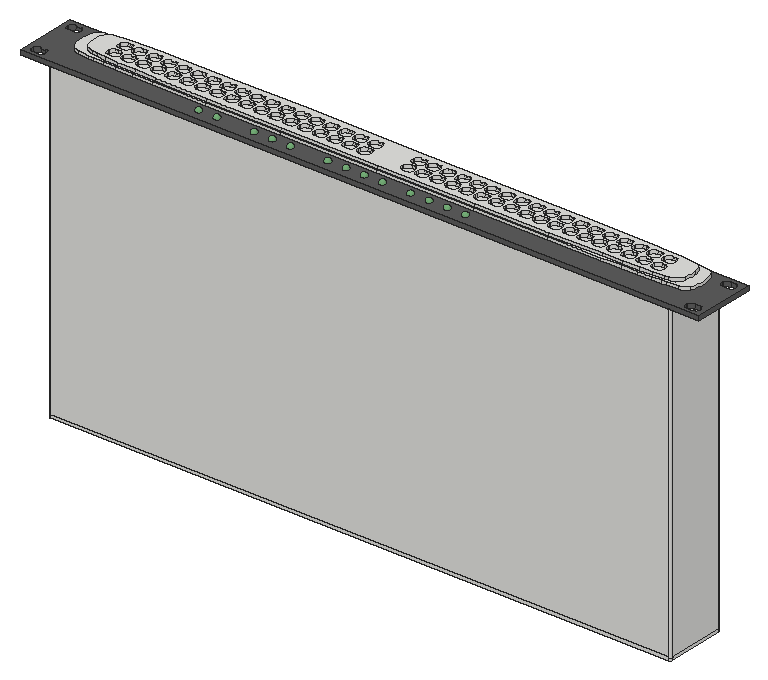
Revit family "Electronics_Expansion-Inputs_Biamp_Vocia_Telephone-Paging-Adapter_POTS-1__", category Communication Devices, host Face, Revit 2020 (continued)
Definition of nested family "POTS-1"
  Forms (in)
    Extrusion 14, solid, material <- "Material 1", detail levels medium+fine
      sketch origin (0.00019, 0.37402, 0) x (1, 0, 0) y (0, 0, 1)
        loop
          arc (-1.21793, 0.95247) -> (-1.17702, 0.8537) -> (-1.07825, 0.81278) r 0.13968
          line (-1.07825, 0.81278) -> (-0.99954, 0.81278)
          arc (-0.99954, 0.81278) -> (-0.90077, 0.8537) -> (-0.85986, 0.95247) r 0.13968
          line (-0.85986, 0.95247) -> (-0.85986, 0.99345)
          arc (-0.85986, 0.99345) -> (-0.89895, 1.08784) -> (-0.99334, 1.12693) r 0.13348
          line (-0.99334, 1.12693) -> (-1.08445, 1.12693)
        loop
          arc (-0.66814, 1.12693) -> (-0.76253, 1.08784) -> (-0.80162, 0.99345) r 0.13348
          line (-0.80162, 0.99345) -> (-0.80162, 0.95247)
          arc (-0.80162, 0.95247) -> (-0.76071, 0.8537) -> (-0.66194, 0.81278) r 0.13968
          line (-0.66194, 0.81278) -> (-0.58323, 0.81278)
          arc (-0.58323, 0.81278) -> (-0.48446, 0.8537) -> (-0.44355, 0.95247) r 0.13968
          line (-0.44355, 0.95247) -> (-0.44355, 0.99345)
          arc (-0.44355, 0.99345) -> (-0.48265, 1.08784) -> (-0.57703, 1.12693) r 0.13348
          line (-0.57703, 1.12693) -> (-0.66814, 1.12693)
        loop
          arc (0.55186, 1.12693) -> (0.45748, 1.08784) -> (0.41838, 0.99345) r 0.13348
          line (0.41838, 0.99345) -> (0.41838, 0.95247)
          arc (0.41838, 0.95247) -> (0.45929, 0.8537) -> (0.55807, 0.81278) r 0.13968
          line (0.55807, 0.81278) -> (0.63677, 0.81278)
          arc (0.63677, 0.81278) -> (0.73554, 0.8537) -> (0.77646, 0.95247) r 0.13968
          line (0.77646, 0.95247) -> (0.77646, 0.99345)
          arc (0.77646, 0.99345) -> (0.73736, 1.08784) -> (0.64297, 1.12693) r 0.13348
          line (0.64297, 1.12693) -> (0.55186, 1.12693)
        loop
          arc (0.95712, 1.12693) -> (0.86273, 1.08784) -> (0.82363, 0.99345) r 0.13348
          line (0.82363, 0.99345) -> (0.82363, 0.95247)
          arc (0.82363, 0.95247) -> (0.86455, 0.8537) -> (0.96332, 0.81278) r 0.13968
          line (0.96332, 0.81278) -> (1.04202, 0.81278)
          arc (1.04202, 0.81278) -> (1.14079, 0.8537) -> (1.18171, 0.95247) r 0.13968
          line (1.18171, 0.95247) -> (1.18171, 0.99345)
          arc (1.18171, 0.99345) -> (1.14261, 1.08784) -> (1.04823, 1.12693) r 0.13348
          line (1.04823, 1.12693) -> (0.95712, 1.12693)
        loop
          arc (1.36975, 1.12693) -> (1.27537, 1.08784) -> (1.23627, 0.99345) r 0.13348
          line (1.23627, 0.99345) -> (1.23627, 0.95247)
          arc (1.23627, 0.95247) -> (1.27718, 0.8537) -> (1.37596, 0.81278) r 0.13968
          line (1.37596, 0.81278) -> (1.45466, 0.81278)
          arc (1.45466, 0.81278) -> (1.55343, 0.8537) -> (1.59434, 0.95247) r 0.13968
          line (1.59434, 0.95247) -> (1.59434, 0.99345)
          arc (1.59434, 0.99345) -> (1.55525, 1.08784) -> (1.46086, 1.12693) r 0.13348
          line (1.46086, 1.12693) -> (1.36975, 1.12693)
        loop
          arc (1.78593, 1.12693) -> (1.69154, 1.08784) -> (1.65245, 0.99345) r 0.13348
          line (1.65245, 0.99345) -> (1.65245, 0.95247)
          arc (1.65245, 0.95247) -> (1.69336, 0.8537) -> (1.79213, 0.81278) r 0.13968
          line (1.79213, 0.81278) -> (1.87083, 0.81278)
          arc (1.87083, 0.81278) -> (1.96961, 0.8537) -> (2.01052, 0.95247) r 0.13968
          line (2.01052, 0.95247) -> (2.01052, 0.99345)
          arc (2.01052, 0.99345) -> (1.97142, 1.08784) -> (1.87704, 1.12693) r 0.13348
          line (1.87704, 1.12693) -> (1.78593, 1.12693)
        loop
          arc (2.19819, 1.12693) -> (2.1038, 1.08784) -> (2.0647, 0.99345) r 0.13348
          line (2.0647, 0.99345) -> (2.0647, 0.95247)
          arc (2.0647, 0.95247) -> (2.10562, 0.8537) -> (2.20439, 0.81278) r 0.13968
          line (2.20439, 0.81278) -> (2.28309, 0.81278)
          arc (2.28309, 0.81278) -> (2.38187, 0.8537) -> (2.42278, 0.95247) r 0.13968
          line (2.42278, 0.95247) -> (2.42278, 0.99345)
          arc (2.42278, 0.99345) -> (2.38368, 1.08784) -> (2.2893, 1.12693) r 0.13348
          line (2.2893, 1.12693) -> (2.19819, 1.12693)
        loop
          arc (2.61102, 1.12693) -> (2.51664, 1.08784) -> (2.47754, 0.99345) r 0.13348
          line (2.47754, 0.99345) -> (2.47754, 0.95247)
          arc (2.47754, 0.95247) -> (2.51845, 0.8537) -> (2.61722, 0.81278) r 0.13968
          line (2.61722, 0.81278) -> (2.69593, 0.81278)
          arc (2.69593, 0.81278) -> (2.7947, 0.8537) -> (2.83561, 0.95247) r 0.13968
          line (2.83561, 0.95247) -> (2.83561, 0.99345)
          arc (2.83561, 0.99345) -> (2.79652, 1.08784) -> (2.70213, 1.12693) r 0.13348
          line (2.70213, 1.12693) -> (2.61102, 1.12693)
        loop
          arc (3.02386, 1.12693) -> (2.92948, 1.08784) -> (2.89038, 0.99345) r 0.13348
          line (2.89038, 0.99345) -> (2.89038, 0.95247)
          arc (2.89038, 0.95247) -> (2.93129, 0.8537) -> (3.03007, 0.81278) r 0.13968
          line (3.03007, 0.81278) -> (3.10877, 0.81278)
          arc (3.10877, 0.81278) -> (3.20754, 0.8537) -> (3.24846, 0.95247) r 0.13968
          line (3.24846, 0.95247) -> (3.24846, 0.99345)
          arc (3.24846, 0.99345) -> (3.20936, 1.08784) -> (3.11497, 1.12693) r 0.13348
          line (3.11497, 1.12693) -> (3.02386, 1.12693)
        loop
          arc (3.44017, 1.12693) -> (3.34579, 1.08784) -> (3.30669, 0.99345) r 0.13348
          line (3.30669, 0.99345) -> (3.30669, 0.95247)
          arc (3.30669, 0.95247) -> (3.3476, 0.8537) -> (3.44637, 0.81278) r 0.13968
          line (3.44637, 0.81278) -> (3.52508, 0.81278)
          arc (3.52508, 0.81278) -> (3.62385, 0.8537) -> (3.66476, 0.95247) r 0.13968
          line (3.66476, 0.95247) -> (3.66476, 0.99345)
          arc (3.66476, 0.99345) -> (3.62567, 1.08784) -> (3.53128, 1.12693) r 0.13348
          line (3.53128, 1.12693) -> (3.44017, 1.12693)
        loop
          arc (3.85301, 1.12693) -> (3.75862, 1.08784) -> (3.71952, 0.99345) r 0.13348
          line (3.71952, 0.99345) -> (3.71952, 0.95247)
          arc (3.71952, 0.95247) -> (3.76044, 0.8537) -> (3.85921, 0.81278) r 0.13968
          line (3.85921, 0.81278) -> (3.93791, 0.81278)
          arc (3.93791, 0.81278) -> (4.03669, 0.8537) -> (4.0776, 0.95247) r 0.13968
          line (4.0776, 0.95247) -> (4.0776, 0.99345)
          arc (4.0776, 0.99345) -> (4.0385, 1.08784) -> (3.94412, 1.12693) r 0.13348
          line (3.94412, 1.12693) -> (3.85301, 1.12693)
        loop
          arc (4.26238, 1.12693) -> (4.16799, 1.08784) -> (4.12889, 0.99345) r 0.13348
          line (4.12889, 0.99345) -> (4.12889, 0.95247)
          arc (4.12889, 0.95247) -> (4.16981, 0.8537) -> (4.26858, 0.81278) r 0.13968
          line (4.26858, 0.81278) -> (4.34728, 0.81278)
          arc (4.34728, 0.81278) -> (4.44606, 0.8537) -> (4.48697, 0.95247) r 0.13968
          line (4.48697, 0.95247) -> (4.48697, 0.99345)
          arc (4.48697, 0.99345) -> (4.44787, 1.08784) -> (4.35349, 1.12693) r 0.13348
          line (4.35349, 1.12693) -> (4.26238, 1.12693)
        loop
          arc (4.67522, 1.12693) -> (4.58083, 1.08784) -> (4.54174, 0.99345) r 0.13348
          line (4.54174, 0.99345) -> (4.54174, 0.95247)
          arc (4.54174, 0.95247) -> (4.58265, 0.8537) -> (4.68142, 0.81278) r 0.13968
          line (4.68142, 0.81278) -> (4.76013, 0.81278)
          arc (4.76013, 0.81278) -> (4.8589, 0.8537) -> (4.89981, 0.95247) r 0.13968
          line (4.89981, 0.95247) -> (4.89981, 0.99345)
          arc (4.89981, 0.99345) -> (4.86071, 1.08784) -> (4.76633, 1.12693) r 0.13348
          line (4.76633, 1.12693) -> (4.67522, 1.12693)
        loop
          arc (5.09153, 1.12693) -> (4.99714, 1.08784) -> (4.95804, 0.99345) r 0.13348
          line (4.95804, 0.99345) -> (4.95804, 0.95247)
          arc (4.95804, 0.95247) -> (4.99896, 0.8537) -> (5.09773, 0.81278) r 0.13968
          line (5.09773, 0.81278) -> (5.17643, 0.81278)
          arc (5.17643, 0.81278) -> (5.2752, 0.8537) -> (5.31612, 0.95247) r 0.13968
          line (5.31612, 0.95247) -> (5.31612, 0.99345)
          arc (5.31612, 0.99345) -> (5.27702, 1.08784) -> (5.18264, 1.12693) r 0.13348
          line (5.18264, 1.12693) -> (5.09153, 1.12693)
        loop
          arc (5.50436, 1.12693) -> (5.40998, 1.08784) -> (5.37088, 0.99345) r 0.13348
          line (5.37088, 0.99345) -> (5.37088, 0.95247)
          arc (5.37088, 0.95247) -> (5.41179, 0.8537) -> (5.51056, 0.81278) r 0.13968
          line (5.51056, 0.81278) -> (5.58927, 0.81278)
          arc (5.58927, 0.81278) -> (5.68804, 0.8537) -> (5.72895, 0.95247) r 0.13968
          line (5.72895, 0.95247) -> (5.72895, 0.99345)
          arc (5.72895, 0.99345) -> (5.68986, 1.08784) -> (5.59547, 1.12693) r 0.13348
          line (5.59547, 1.12693) -> (5.50436, 1.12693)
        loop
          arc (5.91393, 1.12693) -> (5.81954, 1.08784) -> (5.78044, 0.99345) r 0.13348
          line (5.78044, 0.99345) -> (5.78044, 0.95247)
          arc (5.78044, 0.95247) -> (5.82136, 0.8537) -> (5.92013, 0.81278) r 0.13968
          line (5.92013, 0.81278) -> (5.99883, 0.81278)
          arc (5.99883, 0.81278) -> (6.0976, 0.8537) -> (6.13852, 0.95247) r 0.13968
          line (6.13852, 0.95247) -> (6.13852, 0.99345)
          arc (6.13852, 0.99345) -> (6.09942, 1.08784) -> (6.00504, 1.12693) r 0.13348
          line (6.00504, 1.12693) -> (5.91393, 1.12693)
        loop
          arc (6.32657, 1.12693) -> (6.23219, 1.08784) -> (6.19309, 0.99345) r 0.13348
          line (6.19309, 0.99345) -> (6.19309, 0.95247)
          arc (6.19309, 0.95247) -> (6.234, 0.8537) -> (6.33278, 0.81278) r 0.13968
          line (6.33278, 0.81278) -> (6.41148, 0.81278)
          arc (6.41148, 0.81278) -> (6.51025, 0.8537) -> (6.55116, 0.95247) r 0.13968
          line (6.55116, 0.95247) -> (6.55116, 0.99345)
          arc (6.55116, 0.99345) -> (6.51207, 1.08784) -> (6.41768, 1.12693) r 0.13348
          line (6.41768, 1.12693) -> (6.32657, 1.12693)
        loop
          arc (6.74288, 1.12693) -> (6.64849, 1.08784) -> (6.6094, 0.99345) r 0.13348
          line (6.6094, 0.99345) -> (6.6094, 0.95247)
          arc (6.6094, 0.95247) -> (6.65031, 0.8537) -> (6.74908, 0.81278) r 0.13968
          line (6.74908, 0.81278) -> (6.82779, 0.81278)
          arc (6.82779, 0.81278) -> (6.92656, 0.8537) -> (6.96747, 0.95247) r 0.13968
          line (6.96747, 0.95247) -> (6.96747, 0.99345)
          arc (6.96747, 0.99345) -> (6.92838, 1.08784) -> (6.83399, 1.12693) r 0.13348
          line (6.83399, 1.12693) -> (6.74288, 1.12693)
        loop
          arc (7.15572, 1.12693) -> (7.06134, 1.08784) -> (7.02224, 0.99345) r 0.13348
          line (7.02224, 0.99345) -> (7.02224, 0.95247)
          arc (7.02224, 0.95247) -> (7.06315, 0.8537) -> (7.16193, 0.81278) r 0.13968
          line (7.16193, 0.81278) -> (7.24063, 0.81278)
          arc (7.24063, 0.81278) -> (7.3394, 0.8537) -> (7.38031, 0.95247) r 0.13968
          line (7.38031, 0.95247) -> (7.38031, 0.99345)
          arc (7.38031, 0.99345) -> (7.34122, 1.08784) -> (7.24683, 1.12693) r 0.13348
          line (7.24683, 1.12693) -> (7.15572, 1.12693)
        loop
          arc (7.57203, 1.12693) -> (7.47764, 1.08784) -> (7.43855, 0.99345) r 0.13348
          line (7.43855, 0.99345) -> (7.43855, 0.95247)
          arc (7.43855, 0.95247) -> (7.47946, 0.8537) -> (7.57823, 0.81278) r 0.13968
          line (7.57823, 0.81278) -> (7.65694, 0.81278)
          arc (7.65694, 0.81278) -> (7.75571, 0.8537) -> (7.79662, 0.95247) r 0.13968
          line (7.79662, 0.95247) -> (7.79662, 0.99345)
          arc (7.79662, 0.99345) -> (7.75753, 1.08784) -> (7.66314, 1.12693) r 0.13348
          line (7.66314, 1.12693) -> (7.57203, 1.12693)
      from 4.92126 to 5
  Cuts and joins
    Extrusion 3 cuts Extrusion 2
    Extrusion 6 cuts Extrusion 5
    Extrusion 12 cuts Extrusion 7
    Extrusion 12 cuts Extrusion 10
    Extrusion 12 cuts Extrusion 11
  Lines and regions (in)
    Masking region 1
      outline origin (0, 0, 0) x (1, 0, 0) y (0, 1, 0)
        loop
          line (-9.50787, -4.4685) -> (-2.46212, -4.4685) -> (9.50787, -4.4685) -> (9.50787, -4.35039) -> (8.72047, -4.35039) -> (8.72047, 4.4685) -> (-8.71061, 4.4685) -> (-8.71061, -4.35039) -> (-9.50787, -4.35039) -> (-9.50787, -4.4685)
    Masking region 2, detail levels medium+fine
      outline origin (0, 0, 0) x (1, 0, 0) y (0, 1, 0)
        loop
          line (-8.69512, -4.4685) -> (-8.69512, -4.54724) -> (-8.37136, -4.54724) -> (-8.37136, -4.62598) -> (8.37538, -4.62598) -> (8.37538, -4.54724) -> (8.6955, -4.54724) -> (8.6955, -4.4685) -> (-8.69512, -4.4685)
    symbolic lines, detail levels medium
      curve 1: line (-8.71061, -4.35039, 0) -> (8.72047, -4.35039, 0)
      curve 2: line (-8.71061, -4.35039, 0) -> (-9.50787, -4.35039, 0)
      curve 3: line (9.50787, -4.35039, 0) -> (8.72047, -4.35039, 0)
    symbolic lines, detail levels fine
      curve 4: line (-8.36407, -4.4685, 0) -> (-8.36407, -4.50787, 0)
    symbolic lines
      curve 5: line (-9.50787, -4.4685, 0) -> (9.50787, -4.4685, 0)
      curve 6: line (-8.71061, -4.35039, 0) -> (8.72047, -4.35039, 0)
    symbolic lines, detail levels medium+fine
      curve 7: line (-8.37499, -4.54724, 0) -> (8.37173, -4.54724, 0)
  Dimensions and locks (in)
    equal spacing: plane 4, plane 3 "Center (Left/Right)", plane 5
    "Width": plane 4 to plane 5
    equal spacing: plane 6, plane 1 "Center (Front/Back)", plane 7 "1"
    "Depth": plane 7 "1" to plane 11
    "Height": plane 8 to plane 9
    plane 9 to level = 0.00"
    plane 10 to plane 6 = 0.11811"
    locked: plane 4 to plane 12 at 0.79726
    locked: plane 13 to plane 5 at 0.7874
    locked: plane 6 to plane 11 at 0.03937
    plane 14 to plane 6 = 0.03937"
    locked: plane 7 "1" to plane 15 at 0.07874
    locked: plane 16 to plane 9 at 0.32949
    radius of Extrusion 11 sketch curve = 0.05859"
    radius of Extrusion 10 sketch curve = 0.05859"
    aligned and locked: plane 2 to Extrusion 1
    aligned and locked: level to Extrusion 1
    aligned and locked: plane 6 to Extrusion 2 sketch curve
    aligned and locked: plane 10 to Extrusion 2 sketch curve
    aligned and locked: plane 4 to Extrusion 2 sketch curve
    aligned and locked: Extrusion 2 sketch curve to plane 5
    aligned and locked: Extrusion 2 to plane 9
    aligned and locked: Extrusion 2 to plane 8
    aligned and locked: Extrusion 3 to plane 6
    aligned and locked: plane 8 to Extrusion 5 sketch curve
    aligned and locked: plane 12 to Extrusion 5 sketch curve
    aligned and locked: plane 9 to Extrusion 5 sketch curve
    aligned and locked: plane 13 to Extrusion 5 sketch curve
    aligned and locked: Extrusion 5 to plane 7 "1"
    aligned and locked: plane 5 to Extrusion 7 sketch curve
    aligned and locked: Extrusion 7 sketch curve to plane 10
    aligned and locked: Extrusion 7 sketch curve to plane 4
    aligned and locked: plane 13 to Extrusion 8 sketch curve
    aligned and locked: plane 9 to Extrusion 8 sketch curve
    aligned and locked: plane 8 to Extrusion 8 sketch curve
    aligned and locked: plane 12 to Extrusion 8 sketch curve
    aligned and locked: Extrusion 8 to plane 7 "1"
    aligned and locked: plane 10 to Extrusion 8
    aligned and locked: plane 7 "1" to Extrusion 9 sketch curve
    aligned and locked: Extrusion 9 to plane 8
    aligned and locked: plane 10 to curve 1
    aligned and locked: plane 10 to Extrusion 10
    aligned and locked: Extrusion 11 to plane 7 "1"
    aligned and locked: plane 15 to Extrusion 11
    aligned and locked: Extrusion 9 to plane 9
    aligned and locked: plane 9 to Extrusion 11 sketch curve
    aligned and locked: Extrusion 10 to plane 9
    aligned and locked: plane 16 to Revolve 4
    aligned and locked: plane 15 to Extrusion 12
    aligned and locked: cut or joined group of Extrusion 10, Extrusion 12 to plane 15
  Automatic sketch dimensions
    Extrusion 1 sketch curve to Extrusion 1 sketch curve = 96.00"  (x2)
    Extrusion 5 sketch curve to Extrusion 5 sketch curve = 0.05906"  (x2)
    plane 12 to Extrusion 5 sketch curve = 0.05906"
    plane 13 to Extrusion 5 sketch curve = 0.05906"
    plane 4 to Extrusion 3 sketch curve = 0.13318"  (x2)
    Extrusion 3 sketch curve to Extrusion 3 sketch curve = 0.13197"  (x2)
    plane 9 to Extrusion 3 sketch curve = 0.10329"  (x2)
    Extrusion 3 sketch curve to Extrusion 3 sketch curve = 0.00"  (x8)
    Extrusion 3 sketch curve to Extrusion 3 sketch curve = 0.138"  (x2)
    Extrusion 3 sketch curve to Extrusion 3 sketch curve = 0.13196"  (x6)
    Extrusion 3 sketch curve to plane 13 = 0.24886"  (x2)
    plane 8 to Extrusion 3 sketch curve = 0.111"
    Extrusion 3 sketch curve to Extrusion 3 sketch curve = 0.13799"  (x2)
    Extrusion 3 sketch curve to Extrusion 3 sketch curve = 0.11072"  (x8)
    Extrusion 3 sketch curve to Extrusion 3 sketch curve = 0.00002"
    Extrusion 3 sketch curve to Extrusion 3 sketch curve = 0.00001"  (x6)
    Extrusion 3 sketch curve to Extrusion 3 sketch curve = 0.04654"  (x3)
    plane 8 to Extrusion 3 sketch curve = 0.37899"
    Extrusion 3 sketch curve to Extrusion 3 sketch curve = 0.268"
    Extrusion 3 sketch curve to Extrusion 3 sketch curve = 0.00004"
    Revolve 4 sketch curve to plane 6 = 0.00"  (x14)
    plane 3 "Center (Left/Right)" to Revolve 4 sketch curve = 2.78252"
    Revolve 4 sketch curve to Revolve 4 sketch curve = 0.07874"  (x13)
    Revolve 4 sketch curve to Revolve 4 sketch curve = 0.35484"
    Revolve 4 sketch curve to Revolve 4 sketch curve = 0.35446"
    Revolve 4 sketch curve to Revolve 4 sketch curve = 0.35447"
    plane 3 "Center (Left/Right)" to Revolve 4 sketch curve = 0.4593"
    Revolve 4 sketch curve to plane 3 "Center (Left/Right)" = 0.05267"
    Revolve 4 sketch curve to Revolve 4 sketch curve = 0.35441"  (x2)
    Revolve 4 sketch curve to Revolve 4 sketch curve = 0.88564"
    Revolve 4 sketch curve to Revolve 4 sketch curve = 0.35437"
    Revolve 4 sketch curve to Revolve 4 sketch curve = 0.35423"
    Revolve 4 sketch curve to Revolve 4 sketch curve = 0.88575"
    Revolve 4 sketch curve to Revolve 4 sketch curve = 0.35492"
    Revolve 4 sketch curve to Revolve 4 sketch curve = 0.00218"
    Revolve 4 sketch curve to Revolve 4 sketch curve = 0.01835"
    plane 8 to Extrusion 6 sketch curve = 0.78904"  (x2)
    plane 12 to Extrusion 6 sketch curve = 3.81189"
    Extrusion 6 sketch curve to Extrusion 6 sketch curve = 0.58"  (x5)
    Extrusion 6 sketch curve to Extrusion 6 sketch curve = 0.11998"  (x3)
    Extrusion 6 sketch curve to Extrusion 6 sketch curve = 0.58002"  (x2)
    plane 8 to Extrusion 6 sketch curve = 0.20904"  (x6)
    Extrusion 6 sketch curve to Extrusion 6 sketch curve = 0.41998"
    Extrusion 6 sketch curve to Extrusion 6 sketch curve = 0.57999"
    Extrusion 6 sketch curve to Extrusion 6 sketch curve = 0.957"
    Extrusion 6 sketch curve to plane 3 "Center (Left/Right)" = 0.38172"
    plane 3 "Center (Left/Right)" to Extrusion 6 sketch curve = 0.31827"
    Extrusion 6 sketch curve to Extrusion 6 sketch curve = 0.42"
    Extrusion 6 sketch curve to Extrusion 6 sketch curve = 0.12"
    Extrusion 6 sketch curve to Extrusion 6 sketch curve = 0.15955"
    Extrusion 6 sketch curve to Extrusion 6 sketch curve = 0.05002"
    Extrusion 6 sketch curve to Extrusion 6 sketch curve = 1.37955"
    Extrusion 6 sketch curve to Extrusion 6 sketch curve = 0.57087"  (x2)
    Extrusion 6 sketch curve to Extrusion 6 sketch curve = 0.05905"
    Extrusion 6 sketch curve to Extrusion 6 sketch curve = 0.52464"
    Extrusion 6 sketch curve to Extrusion 6 sketch curve = 0.85"
    plane 9 to Extrusion 6 sketch curve = 0.30325"
    plane 9 to Extrusion 6 sketch curve = 0.43473"
    Extrusion 6 sketch curve to Extrusion 6 sketch curve = 0.00"  (x8)
    plane 9 to Extrusion 6 sketch curve = 0.51028"
    Extrusion 6 sketch curve to Extrusion 6 sketch curve = 0.45001"
    Extrusion 6 sketch curve to Extrusion 6 sketch curve = 0.39369"
    Extrusion 6 sketch curve to Extrusion 6 sketch curve = 0.43297"
    plane 12 to Extrusion 8 sketch curve = 0.05859"
    plane 8 to Extrusion 8 sketch curve = 0.05859"  (x2)
    Extrusion 8 sketch curve to Extrusion 8 sketch curve = 0.05859"
    Extrusion 10 sketch curve to plane 8 = 0.00"
    plane 13 to Extrusion 10 sketch curve = 0.00"
    plane 12 to Extrusion 10 sketch curve = 0.05906"
    plane 8 to Extrusion 10 sketch curve = 0.05906"
    Extrusion 10 sketch curve to plane 12 = 0.00"
    Extrusion 10 sketch curve to Extrusion 10 sketch curve = 0.05906"
    level to Extrusion 10 sketch curve = 0.00"
    Extrusion 11 sketch curve to plane 8 = 0.00"
    plane 13 to Extrusion 11 sketch curve = 0.00"
    plane 8 to Extrusion 11 sketch curve = 0.05906"  (x2)
    plane 12 to Extrusion 11 sketch curve = 0.05906"
    Extrusion 11 sketch curve to plane 12 = 0.00"
    plane 13 to Extrusion 6 sketch curve = 0.61166"
    Extrusion 6 sketch curve to plane 16 = 0.55295"
    plane 8 to Extrusion 12 sketch curve = 0.24111"  (x2)
    Extrusion 12 sketch curve to plane 3 "Center (Left/Right)" = 2.88761"
    Extrusion 12 sketch curve to Extrusion 12 sketch curve = 0.70001"
    plane 8 to Extrusion 12 sketch curve = 0.24106"
    plane 3 "Center (Left/Right)" to Extrusion 12 sketch curve = 1.0494"
    Extrusion 12 sketch curve to plane 16 = 0.17883"  (x2)
    Extrusion 12 sketch curve to Extrusion 12 sketch curve = 0.53988"
    Extrusion 12 sketch curve to Extrusion 12 sketch curve = 0.00"  (x5)
    Extrusion 12 sketch curve to Extrusion 12 sketch curve = 0.00025"  (x4)
    Extrusion 12 sketch curve to Extrusion 12 sketch curve = 0.15988"
    Extrusion 12 sketch curve to Extrusion 12 sketch curve = 0.46975"
    Extrusion 12 sketch curve to plane 16 = 0.55169"
    Extrusion 12 sketch curve to Extrusion 12 sketch curve = 1.31988"
    plane 16 to Extrusion 12 sketch curve = 0.02831"  (x3)
    Extrusion 12 sketch curve to Extrusion 12 sketch curve = 0.7225"
    Extrusion 12 sketch curve to Extrusion 12 sketch curve = 0.5975"
    Extrusion 12 sketch curve to Extrusion 12 sketch curve = 0.465"
    Extrusion 12 sketch curve to Extrusion 12 sketch curve = 0.85"
    plane 13 to Extrusion 12 sketch curve = 0.62117"
    Extrusion 12 sketch curve to Extrusion 12 sketch curve = 0.00001"  (x4)
    Extrusion 12 sketch curve to Extrusion 12 sketch curve = 0.00017"
    Extrusion 12 sketch curve to Extrusion 12 sketch curve = 0.00019"
    Extrusion 12 sketch curve to Extrusion 12 sketch curve = 0.00027"  (x2)
    Extrusion 12 sketch curve to plane 16 = 0.42169"
    Extrusion 12 sketch curve to plane 16 = 0.55064"
    Extrusion 12 sketch curve to Extrusion 12 sketch curve = 0.0002"
    Extrusion 12 sketch curve to Extrusion 12 sketch curve = 0.12999"
    Extrusion 12 sketch curve to Extrusion 12 sketch curve = 0.43287"
    Extrusion 12 sketch curve to Extrusion 12 sketch curve = 0.54999"
    Extrusion 12 sketch curve to Extrusion 12 sketch curve = 0.21836"
    Extrusion 12 sketch curve to Extrusion 12 sketch curve = 0.00013"  (x4)
    plane 16 to Extrusion 12 sketch curve = 0.03981"  (x2)
    Extrusion 12 sketch curve to Extrusion 12 sketch curve = 0.03305"
    Extrusion 12 sketch curve to Extrusion 12 sketch curve = 0.05162"
    Extrusion 12 sketch curve to Extrusion 12 sketch curve = 0.16526"
    Extrusion 12 sketch curve to Extrusion 12 sketch curve = 0.00008"
    Extrusion 12 sketch curve to Extrusion 12 sketch curve = 0.0001"
    Extrusion 12 sketch curve to Extrusion 12 sketch curve = 0.16525"
    Masking region 1 sketch curve to plane 4 = 0.00"
    plane 7 "1" to Masking region 1 sketch curve = 0.00"
    Masking region 1 sketch curve to plane 12 = 0.00"
    Masking region 1 sketch curve to plane 6 = 0.00"
    Masking region 1 sketch curve to plane 13 = 0.00"
    Masking region 1 sketch curve to plane 5 = 0.00"
    plane 10 to Masking region 1 sketch curve = 0.00"  (x2)
    plane 8 to Extrusion 13 sketch curve = 0.0737"  (x2)
    plane 12 to Extrusion 13 sketch curve = 0.3111"  (x2)
    Extrusion 13 sketch curve to Extrusion 13 sketch curve = 0.0212"  (x3)
    plane 8 to Extrusion 13 sketch curve = 0.05246"  (x2)
    Extrusion 13 sketch curve to Extrusion 13 sketch curve = 0.30113"
    Extrusion 13 sketch curve to Extrusion 13 sketch curve = 0.30252"
    plane 8 to Extrusion 13 sketch curve = 0.045"  (x2)
    Extrusion 13 sketch curve to Extrusion 13 sketch curve = 0.13655"  (x2)
    Extrusion 13 sketch curve to plane 16 = 0.30961"  (x2)
    Extrusion 13 sketch curve to Extrusion 13 sketch curve = 0.13516"
    Extrusion 13 sketch curve to plane 16 = 0.29952"  (x2)
    Extrusion 13 sketch curve to Extrusion 13 sketch curve = 0.28256"  (x3)
    plane 8 to Extrusion 13 sketch curve = 0.03491"  (x2)
    Extrusion 13 sketch curve to plane 16 = 0.29088"  (x2)
    Extrusion 13 sketch curve to Extrusion 13 sketch curve = 0.36514"  (x4)
    plane 8 to Extrusion 13 sketch curve = 0.02625"  (x2)
    Extrusion 13 sketch curve to plane 16 = 0.28366"  (x2)
    plane 8 to Extrusion 13 sketch curve = 0.01904"  (x2)
    Extrusion 13 sketch curve to plane 16 = 0.27791"  (x2)
    plane 8 to Extrusion 13 sketch curve = 0.01327"  (x2)
    plane 8 to Extrusion 13 sketch curve = 0.00463"  (x2)
    Extrusion 13 sketch curve to plane 16 = 0.26926"  (x2)
    Extrusion 13 sketch curve to plane 16 = 0.26348"  (x2)
    Extrusion 13 sketch curve to plane 8 = 0.00113"
    plane 3 "Center (Left/Right)" to Extrusion 13 sketch curve = 0.00019"
    plane 3 "Center (Left/Right)" to Extrusion 13 sketch curve = 0.00026"
    Extrusion 13 sketch curve to Extrusion 13 sketch curve = 0.46076"
    Extrusion 13 sketch curve to Extrusion 13 sketch curve = 0.46078"  (x3)
    Extrusion 13 sketch curve to Extrusion 13 sketch curve = 0.28258"
    Extrusion 13 sketch curve to Extrusion 13 sketch curve = 0.14085"
    plane 13 to Extrusion 13 sketch curve = 0.34178"  (x2)
    Extrusion 13 sketch curve to Extrusion 13 sketch curve = 0.29811"
    Extrusion 13 sketch curve to plane 16 = 0.26204"
    Extrusion 13 sketch curve to Extrusion 13 sketch curve = 0.00737"
    Extrusion 13 sketch curve to Extrusion 13 sketch curve = 0.00769"
    Extrusion 13 sketch curve to Extrusion 13 sketch curve = 0.02103"
    Extrusion 13 sketch curve to Extrusion 13 sketch curve = 0.02134"
    Extrusion 13 sketch curve to Extrusion 13 sketch curve = 0.30051"  (x4)
    Extrusion 13 sketch curve to Extrusion 13 sketch curve = 0.03916"  (x2)
    plane 12 to Extrusion 13 sketch curve = 0.07444"
    plane 12 to Extrusion 13 sketch curve = 0.07003"
    plane 13 to Extrusion 13 sketch curve = 0.08392"
    plane 13 to Extrusion 13 sketch curve = 0.07951"
    Extrusion 13 sketch curve to Extrusion 13 sketch curve = 0.19267"  (x2)
    plane 8 to Extrusion 14 sketch curve = 0.13708"  (x2)
    plane 12 to Extrusion 14 sketch curve = 0.59861"
    plane 12 to Extrusion 14 sketch curve = 0.63098"
    Extrusion 14 sketch curve to Extrusion 14 sketch curve = 0.04233"
    Extrusion 14 sketch curve to Extrusion 14 sketch curve = 0.01125"  (x2)
    Extrusion 14 sketch curve to Extrusion 14 sketch curve = 0.12093"  (x2)
    plane 8 to Extrusion 14 sketch curve = 0.11083"  (x2)
    Extrusion 14 sketch curve to Extrusion 14 sketch curve = 0.18526"  (x2)
    Extrusion 14 sketch curve to Extrusion 14 sketch curve = 0.23683"
    Extrusion 14 sketch curve to Extrusion 14 sketch curve = 0.24808"
    Extrusion 14 sketch curve to Extrusion 14 sketch curve = 0.13348"  (x143)
    Extrusion 14 sketch curve to Extrusion 14 sketch curve = 0.0062"  (x121)
    plane 8 to Extrusion 14 sketch curve = 0.09732"
    Extrusion 14 sketch curve to Extrusion 14 sketch curve = 0.00885"
    Extrusion 14 sketch curve to plane 16 = 0.37023"
    Extrusion 14 sketch curve to Extrusion 14 sketch curve = 0.00322"
    Extrusion 14 sketch curve to Extrusion 14 sketch curve = 0.0787"  (x72)
    Extrusion 14 sketch curve to Extrusion 14 sketch curve = 0.09111"  (x22)
    Extrusion 14 sketch curve to Extrusion 14 sketch curve = 0.04718"  (x4)
    plane 8 to Extrusion 14 sketch curve = 0.08187"
    Extrusion 14 sketch curve to Extrusion 14 sketch curve = 0.10222"
    Extrusion 14 sketch curve to plane 16 = 0.35749"
    Extrusion 14 sketch curve to Extrusion 14 sketch curve = 0.10253"
    Extrusion 14 sketch curve to Extrusion 14 sketch curve = 0.05456"  (x4)
    Extrusion 14 sketch curve to plane 16 = 0.3479"
    Extrusion 14 sketch curve to Extrusion 14 sketch curve = 0.01085"
    plane 8 to Extrusion 14 sketch curve = 0.06654"
    Extrusion 14 sketch curve to Extrusion 14 sketch curve = 0.02669"
    Extrusion 14 sketch curve to Extrusion 14 sketch curve = 0.0581"  (x4)
    plane 8 to Extrusion 14 sketch curve = 0.05995"
    Extrusion 14 sketch curve to Extrusion 14 sketch curve = 0.07757"
    Extrusion 14 sketch curve to plane 16 = 0.33799"
    Extrusion 14 sketch curve to Extrusion 14 sketch curve = 0.08385"
    Extrusion 14 sketch curve to Extrusion 14 sketch curve = 0.05419"  (x4)
    Extrusion 14 sketch curve to Extrusion 14 sketch curve = 0.05476"  (x12)
    Extrusion 14 sketch curve to Extrusion 14 sketch curve = 0.05477"  (x12)
    Extrusion 14 sketch curve to Extrusion 14 sketch curve = 0.05823"  (x16)
    plane 8 to Extrusion 14 sketch curve = 0.04231"  (x2)
    Extrusion 14 sketch curve to Extrusion 14 sketch curve = 0.01413"
    Extrusion 14 sketch curve to plane 16 = 0.31578"  (x2)
    Extrusion 14 sketch curve to Extrusion 14 sketch curve = 0.00793"
    Extrusion 14 sketch curve to Extrusion 14 sketch curve = 0.0513"  (x4)
    plane 8 to Extrusion 14 sketch curve = 0.03655"
    Extrusion 14 sketch curve to Extrusion 14 sketch curve = 0.01327"
    Extrusion 14 sketch curve to plane 16 = 0.31"  (x2)
    Extrusion 14 sketch curve to Extrusion 14 sketch curve = 0.00707"
    Extrusion 14 sketch curve to Extrusion 14 sketch curve = 0.05149"  (x4)
    Extrusion 14 sketch curve to Extrusion 14 sketch curve = 0.05457"  (x4)
    plane 3 "Center (Left/Right)" to Extrusion 14 sketch curve = 0.00019"
    plane 3 "Center (Left/Right)" to Extrusion 14 sketch curve = 0.00026"
    plane 3 "Center (Left/Right)" to Extrusion 14 sketch curve = 0.41857"
    Extrusion 14 sketch curve to Extrusion 14 sketch curve = 0.00"
    Extrusion 14 sketch curve to Extrusion 14 sketch curve = 0.02531"
    Extrusion 14 sketch curve to Extrusion 14 sketch curve = 0.02041"
    Extrusion 14 sketch curve to Extrusion 14 sketch curve = 0.02444"
    Extrusion 14 sketch curve to Extrusion 14 sketch curve = 0.01954"
    Extrusion 14 sketch curve to plane 16 = 0.3364"
    Extrusion 14 sketch curve to Extrusion 14 sketch curve = 0.07919"
    plane 8 to Extrusion 14 sketch curve = 0.05095"
    Extrusion 14 sketch curve to Extrusion 14 sketch curve = 0.09248"
    Extrusion 14 sketch curve to Extrusion 14 sketch curve = 0.04101"
    Extrusion 14 sketch curve to Extrusion 14 sketch curve = 0.0605"
    Extrusion 14 sketch curve to plane 16 = 0.34341"
    Extrusion 14 sketch curve to Extrusion 14 sketch curve = 0.01124"
    plane 8 to Extrusion 14 sketch curve = 0.0651"
    Extrusion 14 sketch curve to Extrusion 14 sketch curve = 0.01912"
    Extrusion 14 sketch curve to plane 16 = 0.35517"
    Extrusion 14 sketch curve to Extrusion 14 sketch curve = 0.07229"
    plane 8 to Extrusion 14 sketch curve = 0.08096"
    Extrusion 14 sketch curve to Extrusion 14 sketch curve = 0.07343"
    Extrusion 14 sketch curve to plane 16 = 0.36993"
    Extrusion 14 sketch curve to Extrusion 14 sketch curve = 0.01411"
    plane 8 to Extrusion 14 sketch curve = 0.09349"
    Extrusion 14 sketch curve to Extrusion 14 sketch curve = 0.01583"
    Extrusion 14 sketch curve to Extrusion 14 sketch curve = 0.24797"
    Extrusion 14 sketch curve to Extrusion 14 sketch curve = 0.16227"
    Extrusion 14 sketch curve to Extrusion 14 sketch curve = 0.262"
    Extrusion 14 sketch curve to plane 16 = 0.30856"
    Extrusion 14 sketch curve to Extrusion 14 sketch curve = 0.02706"
    Extrusion 14 sketch curve to Extrusion 14 sketch curve = 0.02736"
    Extrusion 14 sketch curve to Extrusion 14 sketch curve = 0.01485"  (x2)
    Extrusion 14 sketch curve to plane 16 = 0.4833"  (x3)
    Extrusion 14 sketch curve to Extrusion 14 sketch curve = 0.14531"  (x2)
    Extrusion 14 sketch curve to Extrusion 14 sketch curve = 0.12813"
    Extrusion 14 sketch curve to Extrusion 14 sketch curve = 0.13968"  (x19)
    Extrusion 14 sketch curve to Extrusion 14 sketch curve = 0.11337"
    Extrusion 14 sketch curve to Extrusion 14 sketch curve = 0.1733"  (x3)
    Extrusion 14 sketch curve to Extrusion 14 sketch curve = 0.13989"
    Extrusion 14 sketch curve to Extrusion 14 sketch curve = 0.16752"  (x2)
    Extrusion 14 sketch curve to Extrusion 14 sketch curve = 0.1469"
    Extrusion 14 sketch curve to Extrusion 14 sketch curve = 0.11306"
    Extrusion 14 sketch curve to Extrusion 14 sketch curve = 0.1354"
    Extrusion 14 sketch curve to Extrusion 14 sketch curve = 0.12581"
    Extrusion 14 sketch curve to Extrusion 14 sketch curve = 0.04098"  (x72)
    Extrusion 14 sketch curve to Extrusion 14 sketch curve = 0.04869"  (x2)
    Extrusion 14 sketch curve to Extrusion 14 sketch curve = 0.06154"  (x36)
    Extrusion 14 sketch curve to Extrusion 14 sketch curve = 0.25437"
    Extrusion 14 sketch curve to Extrusion 14 sketch curve = 0.03165"
    Extrusion 14 sketch curve to Extrusion 14 sketch curve = 0.29534"  (x2)
    Extrusion 14 sketch curve to Extrusion 14 sketch curve = 0.30167"
    Extrusion 14 sketch curve to Extrusion 14 sketch curve = 0.02779"  (x2)
    Extrusion 14 sketch curve to Extrusion 14 sketch curve = 0.27388"
    Extrusion 14 sketch curve to Extrusion 14 sketch curve = 0.09413"  (x2)
    Extrusion 13 sketch curve to Extrusion 13 sketch curve = 0.56798"  (x3)
    Extrusion 13 sketch curve to Extrusion 13 sketch curve = 1.4997"
    Extrusion 13 sketch curve to Extrusion 13 sketch curve = 0.00"  (x2)
    Extrusion 13 sketch curve to Extrusion 13 sketch curve = 2.06333"  (x2)
    Extrusion 13 sketch curve to Extrusion 13 sketch curve = 2.72117"
    Extrusion 13 sketch curve to Extrusion 13 sketch curve = 0.0013"  (x2)
    Extrusion 13 sketch curve to Extrusion 13 sketch curve = 1.49968"
    Extrusion 13 sketch curve to Extrusion 13 sketch curve = 0.00132"
    Extrusion 13 sketch curve to Extrusion 13 sketch curve = 0.56801"
    plane 10 to Extrusion 9 sketch curve = 0.00"  (x2)
    Extrusion 9 sketch curve to plane 12 = 0.00"
    Extrusion 9 sketch curve to plane 13 = 0.00"
    plane 11 to Extrusion 7 sketch curve = 0.03937"
    Masking region 2 sketch curve to plane 6 = 0.00"
    plane 12 to Masking region 2 sketch curve = 0.01549"
    Masking region 2 sketch curve to plane 11 = 0.11811"
    Masking region 2 sketch curve to Masking region 2 sketch curve = 0.32376"
    plane 13 to Masking region 2 sketch curve = 0.3451"
    plane 13 to Masking region 2 sketch curve = 0.02497"
    Masking region 2 sketch curve to plane 11 = 0.03937"  (x2)
    curve 5 to plane 4 = 0.00"
    curve 2 to plane 4 = 0.00"
    curve 2 to plane 12 = 0.00"
    curve 4 to plane 6 = 0.00"
    curve 4 to plane 11 = 0.00"
    curve 1 to plane 13 = 0.00"
    curve 3 to plane 5 = 0.00"
    curve 5 to plane 5 = 0.00"
    curve 7 to plane 11 = 0.03937"
    plane 12 to curve 7 = 0.33562"
    curve 7 to curve 4 = 0.01093"
    plane 13 to curve 7 = 0.34874"
    Masking region 1 sketch curve to plane 3 "Center (Left/Right)" = 2.46212"
    radius of Extrusion 6 sketch curve = 0.16554"
    radius of Extrusion 6 sketch curve = 0.21805"  (x2)
